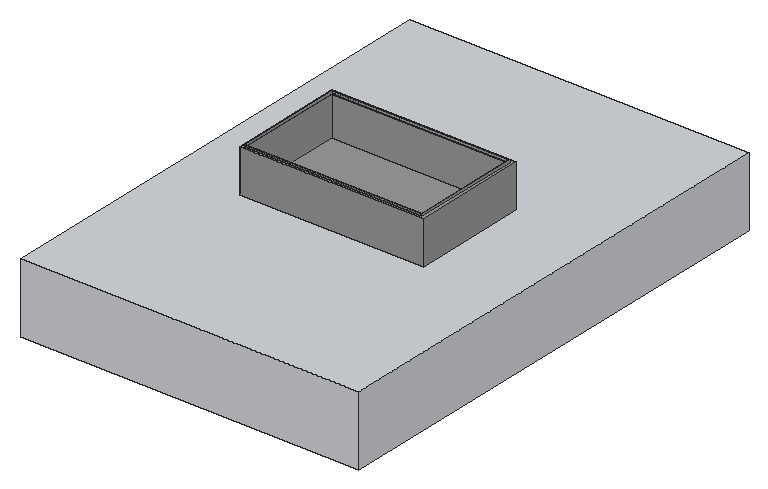
Revit family "Hager-Univers-IP30-D205-H500-Cl.II-Encl-NL-en", category Equipement électrique, Revit 2020
Family settings
  Hôte = Face
  Configuration du panneau = Deux colonnes, circuits au sein
  Cote de connecteur circulaire = Utiliser le diamètre
  Type d'élément = Tableau de raccordement
  Couper avec des vides une fois chargée = Non
  Partagée = Non
  Point de calcul de pièce = Non
Parameters (values of type "Surface mounted (plaster) IP30 W800 H500 D205  - FP33Q1S")
  Width Control [instance] = if([EF000008 - Width] > Min Width, [EF000008 - Width], Min Width)  # 800 mm
  Commentaires du type = [HG000003 - Range]  # "Univers"
  Thickness Door [instance] = if([EF009171 - Material plate thickness door/cover] > 3 mm, 3 mm, [EF009171 - Material plate thickness door/cover])  # 1 mm
  Seal Frame Offset [instance] = 17 mm  # constant formula
  Plinth Visibility [instance] = [HG000027 - Plinth height] > 0 mm  # no
  Model = ""
  Min Width [instance] = 100 mm  # constant formula
  Min Height [instance] = 100 mm  # constant formula
  Min Depth [instance] = (2 * [EF009170 - Material plate thickness cabinet]) + 1 mm  # 3 mm
  Internal Frame Depth [instance] = (Door System Depth * 0.5)  # 9 mm
  Height Control [instance] = if([EF000040 - Height] > Min Height, [EF000040 - Height], Min Height)  # 500 mm
  HG000027 - Plinth height = 0 mm
  HG000026 - Floor standing = no
  HG000024 - Bottom section height = 800 mm
  HG000023 - Double section enclosure = no
  HG000016 - Door 3d visibility [instance] = yes
  HG000015 - Clearance visibility [instance] = no
  HG000014 - Door on the right [instance] = yes
  HG000013 - Door on the left [instance] = not([HG000014 - Door on the right])  # no
  HG000012 - Door swing angle [instance] = 30.00°
  HG000010 - Asymmetric doors = no
  HG000009 - Double swing door = no
  HG000006 - Flush mounted = no
  HG000004 - Manufacturer reference = "FP33Q1S"
  HG000003 - Range = "Univers"
  HG000002 - With door or cover = no
  Frame Offset Bottom [instance] = 10 mm  # constant formula
  Frame Offset [instance] = 15 mm  # constant formula
  EF015940 - Cover with overpressure release = no
  EF011959 - Degree of protection (NEMA) = ""
  EF009554 - Number of openings for flange plates = 6
  EF009212 - Cover model = "EV009916 - With notch"
  EF009171 - Material plate thickness door/cover = 1 mm
  EF009170 - Material plate thickness cabinet = 1 mm
  Fabricant = "Hager"  # constant formula
  EF008873 - Nominal current (In) = 250 A
  EF007800 - Suitable for lightning protection = no
  EF006306 - With lock = no
  EF006244 - Transparent cover/door = no
  EF005474 - Degree of protection (IP) = "EV006410 - IP30"
  EF004464 - Type of door = "EV000494 - None"
  EF004427 - Number of modules = 108
  EF004293 - Impact strength = "EV006813 - IK07"
  EF003532 - Suitable for outdoor use = no
  EF002950 - Width in number of modular spacings = 36
  EF001613 - Circuit integrity = "EV000494 - None"
  EF001596 - Material housing = "EV000179 - Steel"
  EF001131 - Internal depth = 130 mm
  EF001088 - Extension possible = yes
  EF000437 - Number of conduit inlets = 6
  EF000339 - Type of cover = "EV000494 - None"
  EF000266 - Number of rows = 3
  EF000218 - Built-in depth = 0 mm
  EF000118 - With mounting plate = no
  EF000116 - RAL-number = "9010"
  EF000049 - Depth = 205 mm
  EF000040 - Height = 500 mm
  EF000008 - Width = 800 mm
  EF000007 - Colour = "EV000202 - White"
  EF000003 - Mounting method = "EV000384 - Surface mounted (plaster)"
  Door System Leaf Tolerance [instance] = 1.5 mm  # constant formula
  Door System Depth [instance] = 18 mm  # constant formula
  Door Height [instance] = Height Control - [HG000027 - Plinth height]  # 500 mm
  Depth Control [instance] = if([EF000049 - Depth] > Min Depth, [EF000049 - Depth], Min Depth)  # 205 mm
  Default Elevation = 0 mm
  Connector Offset [instance] = Height Control / 2  # 250 mm
  Bottom Top Plate Trim [instance] = 1.5 mm  # constant formula
  Plinth height Ctrl [instance] = if([HG000027 - Plinth height] > 0 mm, [HG000027 - Plinth height], 12 mm)  # 12 mm
Types (5, lengths in mm): name | Width Control | HG000004 - Manufacturer reference | EF009554 - Number of openings for flange plates | EF004427 - Number of modules | EF002950 - Width in number of modular spacings | EF000437 - Number of conduit inlets | EF000008 - Width
  Surface mounted (plaster) IP30 W1050 H500 D205  - FP34Q1S | 1050 | "FP34Q1S" | 8 | 144 | 48 | 8 | 1050
  Surface mounted (plaster) IP30 W1300 H500 D205  - FP35Q1S | 1300 | "FP35Q1S" | 10 | 180 | 60 | 10 | 1300
  Surface mounted (plaster) IP30 W300 H500 D205  - FP31Q1S | 300 | "FP31Q1S" | 2 | 36 | 12 | 2 | 300
  Surface mounted (plaster) IP30 W550 H500 D205  - FP32Q1S | 550 | "FP32Q1S" | 4 | 72 | 24 | 4 | 550
  Surface mounted (plaster) IP30 W800 H500 D205  - FP33Q1S | 800 | "FP33Q1S" | 6 | 108 | 36 | 6 | 800
Reference planes
  plane 1 "Center (Front/Back)": y = 0
  plane 2: z = 0
  plane 3 "Center (Left/Right)": x = 0
  plane 4: z = 205
  plane 5: y = 1
  plane 6: y = 250
  plane 7: y = 0
  plane 8: y = 500
  plane 9: z = 0
  plane 10: x = -385
  plane 11: x = 385
  plane 12: x = 384
  plane 13: x = -384
  plane 14: y = 499
  plane 15: x = -383
  plane 16: x = -400
  plane 17: x = 383
  plane 18: x = 400
  plane 19: x = 399
  plane 20: x = -399
  plane 21: y = 11
  plane 22: y = 500
  plane 23: y = 484
  plane 24: z = 187
  plane 25: z = 1
  plane 26: z = 186
  plane 27: z = 204
Forms (mm)
  Extrusion 1, solid
    sketch origin (0, 0, 0) x (1, 0, 0) y (0, 1, 0)
      loop
        line (-702.964, 1305) -> (-702.964, -811.445) -> (766.763, -811.445) -> (766.763, 1305) -> (-702.964, 1305)
    from 0 to -304.8
  Extrusion 2, solid, material "Hager_Steel_RAL7035_Light_Grey", visible <- "Plinth Visibility", detail levels medium+fine
    sketch origin (0, 0, 0) x (1, 0, 0) y (0, 1, 0)
      loop
        line (-400, 0) -> (400, 0) -> (400, 12) -> (-400, 12) -> (-400, 0)
    from 0 to 187
  Extrusion 3, solid, material "Hager_Steel_RAL7035_Light_Grey", detail levels medium+fine
    sketch origin (0, 0, 0) x (1, 0, 0) y (0, 1, 0)
      loop
        line (-400, 0) -> (400, 0) -> (400, 500) -> (-400, 500) -> (-400, 0)
    from 0 to 187
  Extrusion 4, void
    sketch origin (0, 0, 0) x (1, 0, 0) y (0, 1, 0)
      loop
        line (-399, 1) -> (399, 1) -> (399, 499) -> (-399, 499) -> (-399, 1)
    from 1 to 186
  Extrusion 5, void
    sketch origin (-381.607, -4572, 187) x (0, -1, 0) y (-1, 0, 0)
      loop
        line (-4583, 2.393) -> (-5056, 2.393) -> (-5056, -765.607) -> (-4583, -765.607) -> (-4583, 2.393)
    from 0 to 1 <- "EF009170 - Material plate thickness cabinet"
  Extrusion 6, solid, material "Hager_Steel_RAL7035_Light_Grey", detail levels fine
    sketch origin (0, 0, 187) x (1, 0, 0) y (0, 1, 0)
      loop
        line (-384, 484) -> (-384, 11) -> (384, 11) -> (384, 484) -> (-384, 484)
      loop
        line (-385, 10) -> (385, 10) -> (385, 485) -> (-385, 485) -> (-385, 10)
    from 0 to 9 <- "Internal Frame Depth"
  Extrusion 7, solid, material "Hager_Steel_RAL7035_Light_Grey", detail levels coarse
    sketch origin (0, 0, 0) x (1, 0, 0) y (0, 1, 0)
      loop
        line (-400, 0) -> (400, 0) -> (400, 500) -> (-400, 500) -> (-400, 0)
    from 0 to 205
  Sweep 8, void
    path in 3D
      loop
        line (-400, 12, 0) -> (400, 12, 0) -> (400, 12, 187) -> (-400, 12, 187) -> (-400, 12, 0)
    profile origin (-400, 12, 93.5) x (-1, 0, 0) y (0, -1, 0)
      loop
        line (0, 0) -> (0, 1.5) -> (-1.5, 1.5)
        arc (-1.5, 1.5) -> (-1.061, 0.439) -> (0, 0) r 1.5
Cuts and joins
  Extrusion 4, Extrusion 5 cuts Extrusion 3
  Sweep 8 cuts Extrusion 2
Lines and regions (mm)
  Masking region 1
    outline origin (0, 0, 0) x (1, 0, 0) y (0, 0, 1)
      loop
        line (-400, 205) -> (-400, 0) -> (400, 0) -> (400, 205) -> (-400, 205)
  Masking region 2, detail levels medium+fine
    outline origin (0, 140, 0) x (0, 1, 0) y (0, 0, 1)
      loop
        line (-140, 0) -> (360, 0) -> (360, 187) -> (-140, 187) -> (-140, 0)
  Masking region 3, not visible, detail levels medium+fine
    outline origin (0, 297.922, 0) x (0, 1, 0) y (0, 0, 1)
      loop
        line (-36.422, 0) -> (3.578, 0) -> (3.578, 194)
        arc (3.578, 194) -> (0.649, 201.071) -> (-6.422, 204) r 10
        line (-6.422, 204) -> (-36.422, 204) -> (-36.422, 0)
  Masking region 4, detail levels coarse
    outline origin (0, 0, 180) x (0, 1, 0) y (0, 0, 1)
      loop
        line (0, -180) -> (500, -180) -> (500, 25) -> (0, 25) -> (0, -180)
  Masking region 5, visible <- "Plinth Visibility", detail levels medium+fine
    outline origin (0, 52.24, 12.345) x (0, 0, -1) y (0, 1, 0)
      loop
        line (10.845, -40.24) -> (-173.155, -40.24)
        arc (-173.155, -40.24) -> (-173.594, -41.301) -> (-174.655, -41.74) r 1.5
        line (-174.655, -41.74) -> (-174.655, -52.24) -> (12.345, -52.24) -> (12.345, -41.74)
        arc (12.345, -41.74) -> (11.285, -41.301) -> (10.845, -40.24) r 1.5
  Masking region 6, detail levels medium+fine
    outline origin (-381.607, -4572, 187) x (-1, 0, 0) y (0, -1, 0)
      loop
        line (18.393, -5072) -> (18.393, -4572) -> (-781.607, -4572) -> (-781.607, -5072) -> (18.393, -5072)
  Masking region 7, visible <- "Plinth Visibility", detail levels medium+fine
    outline origin (-381.607, -4727, 187) x (-1, 0, 0) y (0, -1, 0)
      loop
        arc (16.893, -4739) -> (17.332, -4737.939) -> (18.393, -4737.5) r 1.5
        line (18.393, -4737.5) -> (18.393, -4727) -> (-781.607, -4727) -> (-781.607, -4737.5)
        arc (-781.607, -4737.5) -> (-780.546, -4737.939) -> (-780.107, -4739) r 1.5
        line (-780.107, -4739) -> (16.893, -4739)
  Masking region 8, detail levels coarse
    outline origin (-442.548, -4669.526, 187) x (-1, 0, 0) y (0, -1, 0)
      loop
        line (-42.548, -5169.526) -> (-42.548, -4669.526) -> (-842.548, -4669.526) -> (-842.548, -5169.526) -> (-42.548, -5169.526)
  sketch lines
    curve 1: line (-400, 12, 187) -> (-400, 12, 0)
    curve 2: line (400, 12, 187) -> (-400, 12, 187)
    curve 3: line (400, 12, 187) -> (400, 12, 0)
    curve 4: line (-400, 12, 0) -> (400, 12, 0)
Dimensions and locks
  "Depth Control": plane 4 to Extrusion 1
  "HG000027 - Plinth height": plane 1 "Center (Front/Back)" to plane 7
  "EF009170 - Material plate thickness cabinet": plane 5 to plane 7
  locked: connector elem to plane 3 "Center (Left/Right)"
  equal spacing: plane 8, plane 6, plane 7
  locked: connector elem to plane 6
  "EF009170 - Material plate thickness cabinet": plane 8 to plane 14
  "EF009170 - Material plate thickness cabinet": plane 10 to plane 13
  "EF009170 - Material plate thickness cabinet": plane 12 to plane 11
  "Frame Offset": plane 20 to plane 13
  "Frame Offset": plane 12 to plane 19
  "EF009170 - Material plate thickness cabinet": plane 16 to plane 20
  "EF009170 - Material plate thickness cabinet": plane 19 to plane 18
  "Seal Frame Offset": plane 16 to plane 15
  "Seal Frame Offset": plane 17 to plane 18
  "Frame Offset Bottom": plane 21 to plane 5
  "Frame Offset": plane 14 to plane 23
  equal spacing: plane 16, plane 3 "Center (Left/Right)", plane 18
  "Width Control": plane 16 to plane 18
  "EF009170 - Material plate thickness cabinet": plane 4 to plane 27
  "EF009170 - Material plate thickness cabinet": plane 24 to plane 26
  "EF009170 - Material plate thickness cabinet": plane 25 to level
  "Door System Depth": plane 4 to plane 24
  "Height Control": plane 1 "Center (Front/Back)" to Extrusion 7 sketch curve
  "Height Control": Masking region 4 sketch curve to plane 1 "Center (Front/Back)"
  "Height Control": plane 1 "Center (Front/Back)" to plane 22
  "Bottom Top Plate Trim": profile plane to Sweep 8 sketch curve
  "Bottom Top Plate Trim": Sweep 8 sketch curve to profile plane
  "Plinth height Ctrl": plane 1 "Center (Front/Back)" to Extrusion 2 sketch curve
  "Plinth height Ctrl": Masking region 5 sketch curve to plane 1 "Center (Front/Back)"
  "Plinth height Ctrl": plane 1 "Center (Front/Back)" to Masking region 7 sketch curve
  "Thickness Door": Extrusion 6 sketch curve to Extrusion 6 sketch curve  (x3)
  "Thickness Door": cut or joined group of Extrusion 3, Extrusion 4, Extrusion 5 to Extrusion 6 sketch curve
  radius of Masking region 3 sketch curve = 10 mm
  "Bottom Top Plate Trim": radius of Masking region 5 sketch curve  (x2)
  "Bottom Top Plate Trim": radius of Sweep 8 sketch curve
  "Bottom Top Plate Trim": radius of Masking region 7 sketch curve  (x2)
  aligned and locked: plane 2 to Extrusion 1
  aligned and locked: level to Extrusion 1
  aligned and locked: level to Masking region 1 sketch curve
  aligned and locked: Masking region 1 sketch curve to plane 18
  aligned and locked: Masking region 1 sketch curve to plane 16
  aligned and locked: plane 7 to Masking region 2 sketch curve
  aligned and locked: level to Masking region 3 sketch curve
  aligned and locked: Masking region 3 sketch curve to plane 27
  aligned and locked: level to Masking region 2 sketch curve
  aligned and locked: plane 1 "Center (Front/Back)" to Extrusion 2 sketch curve
  aligned and locked: Extrusion 3 sketch curve to plane 7
  aligned and locked: plane 16 to Extrusion 3 sketch curve
  aligned and locked: plane 18 to Extrusion 3 sketch curve
  aligned and locked: plane 20 to Extrusion 4 sketch curve
  aligned and locked: plane 19 to Extrusion 4 sketch curve
  aligned and locked: Extrusion 4 sketch curve to plane 5
  aligned and locked: Extrusion 4 to plane 25
  aligned and locked: plane 26 to Extrusion 4
  aligned and locked: plane 24 to Extrusion 3
  aligned and locked: Extrusion 5 sketch curve to plane 21
  aligned and locked: Extrusion 5 sketch curve to plane 13
  aligned and locked: Extrusion 5 sketch curve to plane 12
  aligned and locked: plane 18 to Extrusion 7 sketch curve
  aligned and locked: plane 1 "Center (Front/Back)" to Extrusion 7 sketch curve
  aligned and locked: plane 16 to Extrusion 7 sketch curve
  aligned and locked: plane 4 to Extrusion 7
  aligned and locked: Extrusion 7 to level
  aligned and locked: level to Masking region 4 sketch curve
  aligned and locked: Masking region 4 sketch curve to plane 1 "Center (Front/Back)"
  aligned and locked: Masking region 4 sketch curve to plane 4
  aligned and locked: nested 1 to level
  aligned and locked: nested 1 to plane 16
  aligned and locked: plane 8 to Extrusion 3 sketch curve
  aligned and locked: plane 23 to Extrusion 5 sketch curve
  aligned and locked: plane 14 to Extrusion 4 sketch curve
  aligned and locked: Masking region 2 sketch curve to plane 8
  aligned and locked: level to Masking region 5 sketch curve
  aligned and locked: plane 16 to Extrusion 2 sketch curve
  aligned and locked: plane 18 to Extrusion 2 sketch curve
  aligned and locked: Masking region 5 sketch curve to plane 24
  aligned and locked: Masking region 2 sketch curve to plane 24
  aligned and locked: plane 24 to Extrusion 2
  aligned and locked: profile plane to Sweep 8 sketch curve  (x2)
  aligned and locked: Masking region 6 sketch curve to plane 18
  aligned and locked: Masking region 6 sketch curve to plane 22
  aligned and locked: Masking region 6 sketch curve to plane 16
  aligned and locked: plane 8 to plane 22
  aligned and locked: Masking region 6 sketch curve to plane 7
  aligned and locked: Masking region 7 sketch curve to plane 16
  aligned and locked: Masking region 7 sketch curve to plane 1 "Center (Front/Back)"
  aligned and locked: Masking region 7 sketch curve to plane 18
  aligned and locked: Masking region 8 sketch curve to plane 1 "Center (Front/Back)"
  aligned and locked: Masking region 8 sketch curve to plane 18
  aligned and locked: Masking region 8 sketch curve to plane 22
  aligned and locked: Masking region 8 sketch curve to plane 16
  aligned and locked: nested 2 to plane 7
  aligned and locked: plane 3 "Center (Left/Right)" to nested 2
  aligned and locked: nested 2 to plane 24
  aligned and locked: Extrusion 6 sketch curve to cut or joined group of Extrusion 3, Extrusion 4, Extrusion 5  (x4)
Automatic sketch dimensions
  Extrusion 1 sketch curve to Extrusion 1 sketch curve = 1469.727 mm
  Extrusion 1 sketch curve to Extrusion 1 sketch curve = 2116.445 mm
  Masking region 1 sketch curve to plane 4 = 0 mm
  plane 6 to Masking region 3 sketch curve = 11.5 mm
  Masking region 3 sketch curve to Masking region 3 sketch curve = 30 mm
  Masking region 5 sketch curve to plane 1 "Center (Front/Back)" = 0 mm
Nested families
  nested 1: "Hager_Enclosure_Symbol" at (-400, 0, 0) x (1, 0, 0) z (0, -1, 0), Height <- "Depth Control", Width <- "Width Control", type "Hager_Enclosure_Symbol"
    with Width_Ctrl 800 mm, Width 800 mm, Height_Ctrl 205 mm, Height 205 mm, A_Width_Int 13.453 mm, A_Width 161.438 mm, A_Height_Ctrl 179.375 mm, A_Height 179.375 mm
  nested 2: "EC000058_Univers_Door" at (0, 0, 187) x (1, 0, 0) z (0, 1, 0), Leaf_Tolerance <- "Door System Leaf Tolerance", Angle <- "HG000012 - Door swing angle", Door_Depth <- "Door System Depth", Door_Left <- "HG000013 - Door on the left", Transparent <- "EF006244 - Transparent cover/door", Assymetrical <- "HG000010 - Asymmetric doors", Width <- "Width Control", Clearance <- "HG000015 - Clearance visibility", Double <- "HG000009 - Double swing door", 3d_Door <- "HG000016 - Door 3d visibility", Lock_Visibility <- "EF006306 - With lock", Width_Ctrl <- "Width Control", Door_Right <- "HG000014 - Door on the right", Door <- "HG000002 - With door or cover", Height <- "Door Height", Thickness <- "Thickness Door", type "EC000058_Univers_Door", detail levels medium+fine
    with min_wh 3 mm, Width_Ctrl 800 mm, Width 800 mm, Transparent no, Thickness 1 mm, Seal_Material Hager_Rubber, Lock_Visibility no, Lock_Material Hager_Plastic_RAL9005_Jet_Black, Leaf_Width 800 mm, Leaf_Tolerance_External_Sides 0 mm, Leaf_Tolerance 1.5 mm, Leaf_Offset 0 mm, Leaf_Height 497 mm, Leaf_2_Width 800 mm, Leaf_2_Offset 400 mm, Leaf_1_Width 800 mm, Leaf_1_Offset 400 mm, Height_Ctrl 500 mm, Height 500 mm, Glass_Material Hager_Glass, Double_Clearance_Ctrl no, Double no, Door_Right_Ctrl no, Door_Right yes, Door_Material Hager_Steel_RAL7035_Light_Grey, Door_Left_Ctrl no, Door_Left no, Door_Depth 18 mm, Door no, Clearance_Material Hager_Clearance, Clearance_Depth 800 mm, Clearance_Ctrl no, Clearance no, Assymetrical no, Angle 30.00°, 3d_Door yes
Connectors
  electrical at (0, 250, 0)
    settings: on plane 9, index 1, voltage 0 V, apparent load 0 VA, apparent load phase1 0 VA, apparent load phase2 0 VA, apparent load phase3 0 VA, power factor 1, load classification "Other", number of poles 1, system type 30, power factor state 1, is connector primary yes, connector utility no, sub classification motor no, connector description ""
Definition of nested family "Hager_Enclosure_Symbol"
  Parameters (values of type "Hager_Enclosure_Symbol")
    Width_Ctrl [instance] = if(Width > 1 mm, Width, 1 mm)  # 102.27 mm
    Width [instance] = 102.27 mm
    Height_Ctrl [instance] = if(Height > 1 mm, Height, 1 mm)  # 66.5 mm
    A_Width_Int [instance] = if(A_Width / 12 > 2 mm, A_Width / 12, 2 mm)  # 4.364 mm
    A_Width [instance] = if(A_Height_Ctrl * 0.9 > 2 mm, A_Height_Ctrl * 0.9, 2 mm)  # 52.369 mm
    A_Height_Ctrl [instance] = if(A_Height > 2 mm, A_Height, 2 mm)  # 58.188 mm
    Height [instance] = 66.5 mm
    A_Height [instance] = Height - (Height / 8)  # 58.188 mm
  Reference planes
    plane 1 "Centre (avant/arrière)": y = 0
    plane 2: z = 0
    plane 3 "Centre (gauche/droite)": x = 0
    plane 4: x = 52.369
    plane 5: y = 33.042
    plane 6: y = 41.77
    plane 7: y = 66.5
    plane 8: x = 26.184
    plane 9: y = 37.406
    plane 10: x = 102.27
    plane 11: y = 66.5
    plane 12: y = 8.313
  Lines and regions (mm)
    Filled region 1, type "Solid_Black", in view "Niveau de réf."
      outline origin (0, 0, 0) x (1, 0, 0) y (0, 1, 0)
        loop
          line (52.369, 66.5) -> (33.188, 54.536) -> (45.365, 45.006) -> (52.369, 66.5)
    Filled region 2, type "Solid_Black", in view "Niveau de réf."
      outline origin (0, 0, 0) x (1, 0, 0) y (0, 1, 0)
        loop
          line (0, 0) -> (102.27, 0) -> (102.27, 66.5) -> (0, 0)
    detail lines, in view "Niveau de réf."
      curve 1: line (0, 8.313, 0) -> (26.184, 41.77, 0)
      curve 2: line (26.184, 41.77, 0) -> (26.184, 33.042, 0)
      curve 3: line (26.184, 33.042, 0) -> (52.369, 66.5, 0)
  Dimensions and locks
    "A_Width": plane 3 "Centre (gauche/droite)" to plane 4
    equal spacing: plane 3 "Centre (gauche/droite)", plane 8, plane 4
    equal spacing: plane 6, plane 9, plane 5
    equal spacing: curve 3, Filled region 1 sketch curve, Filled region 1 sketch curve
    "Height_Ctrl": plane 1 "Centre (avant/arrière)" to plane 11
    "A_Height_Ctrl": plane 11 to plane 12
    equal spacing: plane 11, plane 9, plane 12
    "A_Width_Int": plane 6 to plane 9
    "Width_Ctrl": plane 3 "Centre (gauche/droite)" to plane 10
    angle Filled region 1 sketch curve to curve 3 = 20.00°
    angle curve 3 to Filled region 1 sketch curve = 20.00°
    locked: curve 3 to Filled region 1 sketch curve (angle 90.00°)
    aligned and locked: plane 10 to Filled region 2
    aligned and locked: plane 11 to Filled region 2 sketch curve
    aligned and locked: plane 10 to Filled region 2 sketch curve
    aligned and locked: plane 3 "Centre (gauche/droite)" to curve 1
    aligned and locked: plane 12 to curve 1
    aligned and locked: plane 7 to plane 11
  Automatic sketch dimensions
    Filled region 1 sketch curve to plane 4 = 0 mm
    Filled region 1 sketch curve to plane 7 = 0 mm
    plane 1 "Centre (avant/arrière)" to Filled region 2 sketch curve = 0 mm
    Filled region 2 sketch curve to plane 3 "Centre (gauche/droite)" = 0 mm
    curve 2 to plane 6 = 0 mm
    curve 2 to plane 8 = 0 mm
    curve 3 to plane 4 = 0 mm
    curve 2 to plane 5 = 0 mm
    curve 3 to plane 7 = 0 mm
Definition of nested family "EC000058_Univers_Door"
  Parameters (values of type "EC000058_Univers_Door")
    min_wh [instance] = (2 * Thickness) + 1 mm  # 11 mm
    Width_Ctrl [instance] = 400 mm
    Width [instance] = 500 mm
    Transparent [instance] = yes
    Thickness [instance] = 5 mm
    Seal_Material [instance] = none
    Lock_Visibility [instance] = yes
    Lock_Material [instance] = none
    Leaf_Width [instance] = if((Width_Ctrl - 2 * Leaf_Tolerance_External_Sides) > 0 mm, (Width_Ctrl - 2 * Leaf_Tolerance_External_Sides), min_wh)  # 400 mm
    Leaf_Tolerance_External_Sides [instance] = 0 mm  # constant formula
    Leaf_Tolerance [instance] = 1.5 mm
    Leaf_Offset [instance] = 0 mm  # constant formula
    Leaf_Height [instance] = if((Height_Ctrl - 2 * Leaf_Tolerance) > 0 mm, (Height_Ctrl - 2 * Leaf_Tolerance), min_wh)  # 497 mm
    Leaf_2_Width [instance] = if(and(and(Double, Assymetrical), Door_Left), (Leaf_Width / 3) - (Leaf_Tolerance / 2), if(and(and(Double, Assymetrical), Door_Right), (Leaf_Width / 3) * 2 - (Leaf_Tolerance / 2), if(and(Double, not(Assymetrical)), (Leaf_Width / 2) - Leaf_Tolerance, Leaf_Width)))  # 400 mm
    Leaf_2_Offset [instance] = if(and(Double, Assymetrical), Leaf_2_Width / 2, if(and(Double, not(Assymetrical)), Leaf_Width / 4, Leaf_Width / 2))  # 200 mm
    Leaf_1_Width [instance] = if(and(and(Double, Assymetrical), Door_Right), (Leaf_Width / 3) - (Leaf_Tolerance / 2), if(and(and(Double, Assymetrical), Door_Left), (Width / 3) * 2 - (Leaf_Tolerance / 2), if(and(Double, not(Assymetrical)), (Leaf_Width / 2) - Leaf_Tolerance, Leaf_Width)))  # 400 mm
    Leaf_1_Offset [instance] = if(and(Double, Assymetrical), Leaf_1_Width / 2, if(and(Double, not(Assymetrical)), Leaf_Width / 4, Leaf_Width / 2))  # 200 mm
    Height_Ctrl [instance] = if(Height > min_wh, Height, min_wh)  # 500 mm
    Height [instance] = 500 mm
    Glass_Material [instance] = none
    Double_Clearance_Ctrl [instance] = and(Double, Clearance)  # no
    Double [instance] = no
    Door_Right_Ctrl [instance] = and(or(Door_Right, Double), Door)  # yes
    Door_Right [instance] = yes
    Door_Material [instance] = none
    Door_Left_Ctrl [instance] = and(or(Door_Left, Double), Door)  # no
    Door_Left [instance] = no
    Door_Depth [instance] = 30 mm
    Door [instance] = yes
    Default Elevation = 1219.2 mm
    Clearance_Material [instance] = none
    Clearance_Depth [instance] = if(Leaf_1_Width > Leaf_2_Width, Leaf_1_Width, Leaf_2_Width)  # 400 mm
    Clearance_Ctrl [instance] = and(not(Double), Clearance)  # yes
    Clearance [instance] = yes
    Assymetrical [instance] = yes
    Angle [instance] = 30.00°
    3d_Door [instance] = yes
  Reference planes
    plane 1 "Center (Front/Back)": y = 0
    plane 2 "Bottom": z = 0
    plane 3 "Center (Left/Right)": x = 0
    plane 4: z = 500
    plane 5: x = -200
    plane 6: x = 200
    plane 7: z = 500
    plane 8: x = -200
    plane 9: z = 0
    plane 10: x = 200
    plane 11: y = 0
    plane 12: z = 1.5
    plane 13: x = -600
    plane 14: y = -400
    plane 15: x = 600
    plane 16: x = 0
    plane 17: x = 0
    plane 18: x = -200
    plane 19: x = 200
    plane 20: z = 498.5
  Forms (mm)
    Extrusion 1, solid, material <- "Clearance_Material", visible <- "Double_Clearance_Ctrl"
      sketch origin (1200, 0, 0) x (1, 0, 0) y (0, 0, -1)
        loop
          line (-1800, -498.5) -> (-600, -498.5) -> (-600, 0) -> (-1800, 0) -> (-1800, -498.5)
      from 0 to -400
  Dimensions and locks
    equal spacing: plane 5, plane 3 "Center (Left/Right)", plane 6
    "Width_Ctrl": plane 5 to plane 6
    "Leaf_Offset": plane 5 to plane 8
    "Leaf_Offset": plane 6 to plane 10
    "Leaf_Offset": plane 9 to level
    "Leaf_Offset": plane 4 to plane 7
    "Height_Ctrl": plane 4 to level
    "Leaf_Tolerance": plane 12 to plane 9
    locked: plane 11 to plane 1 "Center (Front/Back)"
    "Leaf_1_Offset": plane 18 to plane 16
    "Leaf_2_Offset": plane 17 to plane 19
    "Leaf_1_Width": plane 13 to plane 8
    "Leaf_2_Width": plane 10 to plane 15
    "Clearance_Depth": plane 14 to plane 1 "Center (Front/Back)"
    "Leaf_Tolerance_External_Sides": plane 8 to plane 18
    "Leaf_Tolerance_External_Sides": plane 19 to plane 10
    "Leaf_Tolerance": plane 7 to plane 20
    aligned and locked: level to plane 2 "Bottom"
    aligned and locked: nested 1 to plane 16
    aligned and locked: nested 2 to plane 17
    aligned and locked: Extrusion 1 to plane 13
    aligned and locked: plane 15 to Extrusion 1
    aligned and locked: Extrusion 1 to plane 14
    aligned and locked: plane 12 to nested 1
    aligned and locked: nested 2 to plane 12
    aligned and locked: Extrusion 1 to plane 11
    aligned and locked: plane 20 to Extrusion 1
    aligned and locked: nested 2 to plane 11
    aligned and locked: nested 1 to plane 11
  Automatic sketch dimensions
    Extrusion 1 sketch curve to level = 0 mm
    plane 5 to Extrusion 1 sketch curve = 400 mm
    plane 6 to Extrusion 1 sketch curve = 400 mm
    Extrusion 1 sketch curve to plane 4 = 1.5 mm
  Nested families
    nested 1: "EC000058_Univers_Door_Leaf" at (0, 0, 1.5), Width <- "Leaf_1_Width", visible <- "Door_Left_Ctrl", Leaf_Height <- "Leaf_Height", Angle <- "Angle", 3d_Door <- "3d_Door", Transparent <- "Transparent", Clearance Material <- "Clearance_Material", Clearance <- "Clearance_Ctrl", Door_Material <- "Door_Material", Glass_Material <- "Glass_Material", Door_Depth <- "Door_Depth", Lock_Material <- "Lock_Material", Seal_Material <- "Seal_Material", Lock_Visibility <- "Lock_Visibility", Thickness <- "Thickness", type "EC000058_Univers_Door_Leaf"
      with Width 400 mm, Transparent_Glass_Offset 30 mm, Transparent_Ctrl yes, Transparent yes, Thickness 5 mm, Standard no, Seal_Material none, Seal_D2 8 mm, Seal_D1 1 mm, Offset_Internal_Frame 10 mm, Lock_Width 20 mm, Lock_Visibility_3d yes, Lock_Visibility yes, Lock_Thickness_3 3 mm, Lock_Thickness_2 1 mm, Lock_Thickness_1 3 mm, Lock_Radius_Offset_2 16 mm, Lock_Radius_Offset_1 15 mm, Lock_Radius_2 5 mm, Lock_Radius 6 mm, Lock_Offset 5 mm, Lock_Material none, Lock_Height 80 mm, Lock_Cover_Top_Offset_2d 17 mm, Lock_Cover_Height -65 mm, Leaf_Height 497 mm, Internal_Seal_Thickness 8 mm, Internal_Seal_Depth_2 4.5 mm, Internal_Frame_Depth 25 mm, Glass_Thickness -1 mm, Glass_Offset -2 mm, Glass_Material none, Door_Material none, Door_Depth 30 mm, Clearance Material none, Clearance yes, Angle_Ctrl 30.00°, Angle 30.00°, 3d_Door yes
    nested 2: "EC000058_Univers_Door_Leaf" at (0, 0, 1.5) x (-1, 0, 0) z (0, 0, 1), Width <- "Leaf_2_Width", visible <- "Door_Right_Ctrl", Leaf_Height <- "Leaf_Height", Angle <- "Angle", 3d_Door <- "3d_Door", Transparent <- "Transparent", Clearance Material <- "Clearance_Material", Clearance <- "Clearance_Ctrl", Door_Material <- "Door_Material", Glass_Material <- "Glass_Material", Door_Depth <- "Door_Depth", Lock_Material <- "Lock_Material", Seal_Material <- "Seal_Material", Lock_Visibility <- "Lock_Visibility", Thickness <- "Thickness", type "EC000058_Univers_Door_Leaf"
      with Width 400 mm, Transparent_Glass_Offset 30 mm, Transparent_Ctrl yes, Transparent yes, Thickness 5 mm, Standard no, Seal_Material none, Seal_D2 8 mm, Seal_D1 1 mm, Offset_Internal_Frame 10 mm, Lock_Width 20 mm, Lock_Visibility_3d yes, Lock_Visibility yes, Lock_Thickness_3 3 mm, Lock_Thickness_2 1 mm, Lock_Thickness_1 3 mm, Lock_Radius_Offset_2 16 mm, Lock_Radius_Offset_1 15 mm, Lock_Radius_2 5 mm, Lock_Radius 6 mm, Lock_Offset 5 mm, Lock_Material none, Lock_Height 80 mm, Lock_Cover_Top_Offset_2d 17 mm, Lock_Cover_Height -65 mm, Leaf_Height 497 mm, Internal_Seal_Thickness 8 mm, Internal_Seal_Depth_2 4.5 mm, Internal_Frame_Depth 25 mm, Glass_Thickness -1 mm, Glass_Offset -2 mm, Glass_Material none, Door_Material none, Door_Depth 30 mm, Clearance Material none, Clearance yes, Angle_Ctrl 30.00°, Angle 30.00°, 3d_Door yes
  Definition of nested family "EC000058_Univers_Door_Leaf"
    Parameters (values of type "EC000058_Univers_Door_Leaf")
      Width [instance] = 2000 mm
      Transparent_Glass_Offset [instance] = 30 mm
      Transparent_Ctrl [instance] = and(Transparent, [3d_Door])  # yes
      Transparent [instance] = yes
      Thickness [instance] = 5 mm
      Standard [instance] = and(not(Transparent), [3d_Door])  # no
      Seal_Material [instance] = none
      Seal_D2 [instance] = 8 mm  # constant formula
      Seal_D1 [instance] = 1 mm  # constant formula
      Offset_Internal_Frame [instance] = 10 mm  # constant formula
      Lock_Width [instance] = 20 mm  # constant formula
      Lock_Visibility_3d [instance] = and(Lock_Visibility, [3d_Door])  # yes
      Lock_Visibility [instance] = yes
      Lock_Thickness_3 [instance] = 3 mm  # constant formula
      Lock_Thickness_2 [instance] = 1 mm  # constant formula
      Lock_Thickness_1 [instance] = 3 mm  # constant formula
      Lock_Radius_Offset_2 [instance] = Lock_Radius_Offset_1 + 1 mm  # 16 mm
      Lock_Radius_Offset_1 [instance] = 15 mm  # constant formula
      Lock_Radius_2 [instance] = Lock_Radius - 1 mm  # 5 mm
      Lock_Radius [instance] = 6 mm  # constant formula
      Lock_Offset [instance] = 5 mm  # constant formula
      Lock_Material [instance] = none
      Lock_Height [instance] = 80 mm  # constant formula
      Lock_Cover_Top_Offset_2d [instance] = Lock_Radius_Offset_2 + 1 mm  # 17 mm
      Lock_Cover_Height [instance] = -(Lock_Height - Lock_Radius_Offset_1)  # -65 mm
      Leaf_Height [instance] = 2720.336 mm
      Internal_Seal_Thickness [instance] = 8 mm  # constant formula
      Internal_Seal_Depth_2 [instance] = 4.5 mm  # constant formula
      Internal_Frame_Depth [instance] = if(Door_Depth - Thickness > 5 mm, Door_Depth - Thickness, 5 mm)  # 25 mm
      Glass_Thickness [instance] = if(Thickness > 15 mm, Glass_Offset + 10 mm, -1 mm)  # -1 mm
      Glass_Offset [instance] = if(Thickness > 15 mm, -(Thickness + 10 mm) / 2, -2 mm)  # -2 mm
      Glass_Material [instance] = none
      Door_Material [instance] = none
      Door_Depth [instance] = 30 mm
      Default Elevation = 0 mm
      Clearance Material [instance] = none
      Clearance [instance] = yes
      Angle_Ctrl [instance] = if(Angle > 180.00°, 180.00°, Angle)  # 90.00°
      Angle [instance] = 90.00°
      3d_Door [instance] = yes
    Reference planes
      plane 1 "Center (Front/Back)": y = 0
      plane 2: z = 0
      plane 3 "Center (Left/Right)": x = 0
      plane 4: y = 2000
      plane 5: x = -1000
      plane 6: x = 1000
      plane 7: x = -3000
      plane 8: z = 2720.336
      plane 9: z = 30
      plane 10: z = 2690.336
      plane 11: x = 970
      plane 12: x = -970
      plane 13: y = -3
      plane 14: z = 107.833
      plane 15: y = -5
      plane 16: y = -223.314
      plane 17: x = -1000
      plane 18: z = 1360.168
      plane 19: y = 30
    Forms (mm)
      Extrusion 1, solid, material <- "Clearance Material", visible <- "Clearance"
        sketch origin (0, 0, 0) x (1, 0, 0) y (0, 0, 1)
          loop
            line (-3000, 2720.336) -> (-3000, 0) -> (1000, 0) -> (1000, 2720.336) -> (-3000, 2720.336)
        from 0 to -2000
      Extrusion 2, solid, material <- "Door_Material", visible <- "Standard", detail levels medium+fine
        sketch origin (-1000, 0, 0) x (0, 1, 0) y (-1, 0, 0)
          loop
            line (0, 30) -> (0, 25) -> (2000, 25) -> (2000, 30) -> (0, 30)
        from 0 to 2720.336 <- "Leaf_Height"
      Extrusion 3, solid, material <- "Door_Material", visible <- "Transparent_Ctrl", detail levels medium+fine
        sketch origin (-1000, 0, 0) x (0, 1, 0) y (-1, 0, 0)
          loop
            line (0, 25) -> (2000, 25) -> (2000, 30) -> (0, 30) -> (0, 25)
        from 0 to 2720.336 <- "Leaf_Height"
      Extrusion 4, void
        sketch origin (-1025, 2000, 0) x (0, 1, 0) y (0, 0, -1)
          loop
            line (-30, -2690.336) -> (-30, -30) -> (-1970, -30) -> (-1970, -2690.336) -> (-30, -2690.336)
        from 0 to 5 <- "Thickness"
      Sweep 5, solid, material <- "Seal_Material", visible <- "Transparent_Ctrl", detail levels fine
        path in 3D
          loop
            line (-1025, 30, 30) -> (-1025, 30, 2690.336) -> (-1025, 1970, 2690.336) -> (-1025, 1970, 30) -> (-1025, 30, 30)
        profile origin (-1025, 1000, 30) x (1, 0, 0) y (0, 0, 1)
          loop
            line (0, 0) -> (0, -8) -> (1, -8) -> (1, 0) -> (0, 0)
      Extrusion 6, solid, material <- "Glass_Material", visible <- "Transparent_Ctrl", detail levels medium+fine
        sketch origin (-1030, 0, 0) x (0, 1, 0) y (0, 0, -1)
          loop
            line (1970, -2690.336) -> (1970, -30) -> (30, -30) -> (30, -2690.336) -> (1970, -2690.336)
        from -2 <- "Glass_Offset" to -1 <- "Glass_Thickness"
      Extrusion 7, solid, material <- "Door_Material", visible <- "3d_Door", detail levels medium+fine
        sketch origin (-1025, 2000, 0) x (0, -1, 0) y (0, 0, -1)
          loop
            line (0, -2720.336) -> (2000, -2720.336) -> (2000, 0) -> (0, 0) -> (0, -2720.336)
          loop
            line (1995, -5) -> (5, -5) -> (5, -2715.336) -> (1995, -2715.336) -> (1995, -5)
        from 0 to 25 <- "Internal_Frame_Depth"
      Sweep 8, solid, material <- "Seal_Material", visible <- "Transparent_Ctrl", detail levels fine
        path in 3D
          loop
            line (-1025, 0, 0) -> (-1025, 2000, 0) -> (-1025, 2000, 2720.336) -> (-1025, 0, 2720.336) -> (-1025, 0, 0)
        profile origin (-1025, 0, 1360.168) x (1, 0, 0) y (0, 1, 0)
          loop
            line (0, 10) -> (2.975, 10)
            arc (2.975, 10) -> (4.053, 10.447) -> (4.5, 11.525) r 1.525
            line (4.5, 11.525) -> (4.5, 16.527)
            arc (4.5, 16.527) -> (4.069, 17.569) -> (3.027, 18) r 1.473
            line (3.027, 18) -> (0, 18) -> (0, 10)
      Extrusion 9, solid, material <- "Lock_Material", visible <- "Lock_Visibility_3d", detail levels fine
        sketch origin (-1030, 0, 0) x (0, 1, 0) y (0, 0, -1)
          loop
            arc (1993.5, -1400.168) -> (1994.561, -1399.729) -> (1995, -1398.668) r 1.5
            line (1995, -1398.668) -> (1995, -1320.168) -> (1975, -1320.168) -> (1975, -1398.668)
            arc (1975, -1398.668) -> (1975.439, -1399.729) -> (1976.5, -1400.168) r 1.5
            line (1976.5, -1400.168) -> (1993.5, -1400.168)
        from 3 <- "Lock_Thickness_1" to 0
      Blend 10, solid, material <- "Lock_Material", visible <- "Lock_Visibility_3d", detail levels fine
        base sketch origin (-1033, 0, 0) x (0, 1, 0) y (0, 0, -1)
          loop
            line (1975, -1320.168) -> (1975, -1398.668)
            arc (1975, -1398.668) -> (1975.439, -1399.729) -> (1976.5, -1400.168) r 1.5
            line (1976.5, -1400.168) -> (1993.5, -1400.168)
            arc (1993.5, -1400.168) -> (1994.561, -1399.729) -> (1995, -1398.668) r 1.5
            line (1995, -1398.668) -> (1995, -1320.168) -> (1975, -1320.168)
        top sketch origin (-1033, 0, 0) x (0, 1, 0) y (0, 0, -1)
          loop
            line (1976, -1320.168) -> (1976, -1398.668)
            arc (1976, -1398.668) -> (1976.146, -1399.022) -> (1976.5, -1399.168) r 0.5
            line (1976.5, -1399.168) -> (1993.5, -1399.168)
            arc (1993.5, -1399.168) -> (1993.854, -1399.022) -> (1994, -1398.668) r 0.5
            line (1994, -1398.668) -> (1994, -1320.168) -> (1976, -1320.168)
        from 0 to 1 <- "Lock_Thickness_2"
      Blend 11, solid, material <- "Lock_Material", visible <- "Lock_Visibility_3d", detail levels fine
        base sketch origin (-1034, 0, 0) x (0, 1, 0) y (0, 0, -1)
          loop
            line (1978, -1320.168) -> (1978, -1384.168)
            arc (1978, -1384.168) -> (1985, -1391.168) -> (1992, -1384.168) r 7
            line (1992, -1384.168) -> (1992, -1320.168) -> (1978, -1320.168)
        top sketch origin (-1034, 0, 0) x (0, 1, 0) y (0, 0, -1)
          loop
            line (1991, -1320.168) -> (1979, -1320.168) -> (1979, -1383.168)
            arc (1979, -1383.168) -> (1985, -1389.168) -> (1991, -1383.168) r 6
            line (1991, -1383.168) -> (1991, -1320.168)
        from 0 to 3 <- "Lock_Thickness_3"
      Extrusion 12, solid, material <- "Lock_Material", visible <- "Lock_Visibility_3d", detail levels fine
        sketch origin (-1030, 1975, 1320.168) x (1, 0, 0) y (0, -1, 0)
          loop
            line (-7, -19) -> (-7, -1) -> (0, -1) -> (0, 0) -> (-8, 0) -> (-8, -20) -> (0, -20) -> (0, -19) -> (-7, -19)
        from 0 to -65 <- "Lock_Cover_Height"
      Extrusion 13, void
        sketch origin (-1038, 1995, 1320.168) x (-1, 0, 0) y (0, 0, -1)
          loop
            line (-5, -65) -> (0, -65) -> (-5, -60) -> (-5, -65)
        from 0 to 20 <- "Lock_Width"
      Extrusion 14, void
        sketch origin (-1038, 1975, 1320.168) x (0, -1, 0) y (0, 0, -1)
          loop
            circle (-10, -15.995) r 6
          loop
            circle (-10, -15.995) r 5
        from 0 to 2
      Extrusion 15, solid, material <- "Lock_Material", visible <- "Lock_Visibility_3d", detail levels medium
        sketch origin (-1030, 0, 0) x (0, 1, 0) y (0, 0, -1)
          loop
            arc (1993.5, -1400.168) -> (1994.561, -1399.729) -> (1995, -1398.668) r 1.5
            line (1995, -1398.668) -> (1995, -1320.168) -> (1975, -1320.168) -> (1975, -1398.668)
            arc (1975, -1398.668) -> (1975.439, -1399.729) -> (1976.5, -1400.168) r 1.5
            line (1976.5, -1400.168) -> (1993.5, -1400.168)
        from 8 to 0
    Cuts and joins
      Extrusion 4 cuts Extrusion 3
      Extrusion 13, Extrusion 14 cuts Extrusion 9
      Extrusion 14 cuts Blend 11
      Extrusion 13, Extrusion 14 cuts Extrusion 12
      joined: Extrusion 9, Blend 10, Blend 11, Extrusion 12
      Extrusion 14 cuts Extrusion 15
    Lines and regions (mm)
      Masking region 1, visible <- "Lock_Visibility", detail levels fine
        outline origin (0, 0, 0) x (0, 1, 0) y (0, 0, 1)
          loop
            line (30, 1320.168) -> (33, 1320.168) -> (33, 1400.168) -> (30, 1400.168) -> (30, 1320.168)
      Masking region 2, visible <- "Lock_Visibility", detail levels fine
        outline origin (0, 3.143, 0) x (0, 1, 0) y (0, 0, 1)
          loop
            line (29.857, 1354.168) -> (30.857, 1354.168) -> (30.857, 1366.168) -> (29.857, 1366.168) -> (29.857, 1354.168)
      Masking region 3, detail levels medium+fine
        outline origin (0, 0, 0) x (0, 1, 0) y (0, 0, 1)
          loop
            line (0, 0) -> (30, 0) -> (30, 2720.336) -> (0, 2720.336) -> (0, 0)
      Masking region 4, detail levels medium+fine
        outline origin (0, 0, 0) x (1, 0, 0) y (0, 0, 1)
          loop
            line (-1000, 2720.336) -> (-1000, 0) -> (1000, 0) -> (1000, 2720.336) -> (-1000, 2720.336)
      Masking region 5, visible <- "Lock_Visibility", detail levels fine
        outline origin (-47.116, 0, 0) x (1, 0, 0) y (0, 0, 1)
          loop
            arc (1024.616, 1399.168) -> (1023.556, 1398.729) -> (1023.116, 1397.668) r 1.5
            line (1023.116, 1397.668) -> (1023.116, 1320.168) -> (1041.116, 1320.168) -> (1041.116, 1397.668)
            arc (1041.116, 1397.668) -> (1040.677, 1398.729) -> (1039.616, 1399.168) r 1.5
            line (1039.616, 1399.168) -> (1024.616, 1399.168)
      Masking region 6, visible <- "Lock_Visibility", detail levels medium+fine
        outline origin (-25, 0, 0) x (1, 0, 0) y (0, 0, 1)
          loop
            arc (1001.5, 1400.168) -> (1000.439, 1399.729) -> (1000, 1398.668) r 1.5
            line (1000, 1398.668) -> (1000, 1320.168) -> (1020, 1320.168) -> (1020, 1398.668)
            arc (1020, 1398.668) -> (1019.561, 1399.729) -> (1018.5, 1400.168) r 1.5
            line (1018.5, 1400.168) -> (1001.5, 1400.168)
      Masking region 7, visible <- "Lock_Visibility", detail levels fine
        outline origin (-73.735, 0, 0) x (1, 0, 0) y (0, 0, 1)
          loop
            line (1051.735, 1382.168) -> (1065.735, 1382.168) -> (1065.735, 1384.168)
            arc (1065.735, 1384.168) -> (1058.735, 1391.168) -> (1051.735, 1384.168) r 7
            line (1051.735, 1384.168) -> (1051.735, 1382.168)
      Masking region 8, visible <- "Lock_Visibility", detail levels fine
        outline origin (-73.735, 0, 0) x (1, 0, 0) y (0, 0, 1)
          loop
            line (1052.735, 1382.168) -> (1064.735, 1382.168) -> (1064.735, 1383.168)
            arc (1064.735, 1383.168) -> (1058.735, 1389.168) -> (1052.735, 1383.168) r 6
            line (1052.735, 1383.168) -> (1052.735, 1382.168)
      Masking region 9, visible <- "Lock_Visibility", detail levels fine
        outline origin (-25, 0, 0) x (1, 0, 0) y (0, 0, 1)
          loop
            line (1020, 1320.168) -> (1020, 1382.168) -> (1000, 1382.168) -> (1000, 1320.168) -> (1020, 1320.168)
      Masking region 10, detail levels medium+fine
        outline origin (0, 0, 0) x (1, 0, 0) y (0, 0, 1)
          loop
            circle (985, 1335.144) r 6
      Masking region 11, detail levels fine
        outline origin (0, 0, 0) x (1, 0, 0) y (0, 0, 1)
          loop
            circle (985, 1335.144) r 5
      Masking region 12, visible <- "Lock_Visibility", detail levels fine
        outline origin (0, 12.767, 0) x (0, 1, 0) y (0, 0, 1)
          loop
            line (20.233, 1320.168) -> (21.233, 1320.168) -> (21.233, 1399.168) -> (20.233, 1400.168) -> (20.233, 1320.168)
      Masking region 13, visible <- "Lock_Visibility", detail levels fine
        outline origin (0, 13.767, -10) x (0, 1, 0) y (0, 0, 1)
          loop
            line (20.233, 1330.168) -> (23.233, 1330.168) -> (23.233, 1399.168) -> (20.233, 1402.168) -> (20.233, 1330.168)
      Masking region 14, visible <- "Lock_Visibility", detail levels fine
        outline origin (0, 12.767, -10) x (0, 1, 0) y (0, 0, 1)
          loop
            line (20.233, 1330.168) -> (25.233, 1330.168) -> (25.233, 1399.305) -> (20.233, 1394.305) -> (20.233, 1330.168)
      Masking region 15, visible <- "Lock_Visibility", detail levels medium
        outline origin (0, 0, 0) x (0, 1, 0) y (0, 0, 1)
          loop
            line (30, 1320.168) -> (38, 1320.168) -> (38, 1400.168) -> (30, 1400.168) -> (30, 1320.168)
      Masking region 16, visible <- "Lock_Visibility", detail levels fine
        outline origin (-1000, 0, 0) x (0, 1, 0) y (-1, 0, 0)
          loop
            line (1975, 30) -> (1995, 30) -> (1995, 38) -> (1975, 38) -> (1975, 30)
          loop
            line (1979, 37) -> (1976, 37) -> (1976, 34) -> (1978, 34) -> (1979, 37)
          loop
            line (1994, 37) -> (1991, 37) -> (1992, 34) -> (1994, 34) -> (1994, 37)
      Masking region 17, visible <- "Lock_Visibility", detail levels medium
        outline origin (-1000, 0, 0) x (0, 1, 0) y (-1, 0, 0)
          loop
            line (1975, 30) -> (1995, 30) -> (1995, 38) -> (1975, 38) -> (1975, 30)
      symbolic lines
        curve 1: line (1000, 0, 0) -> (-3000, 0, 0)
        curve 2: arc (1000, 0, 0) -> (-1000, 2000, 0) -> (-3000, 0, 0) r 2000
        curve 4: line (-1030, 0, 0) -> (-1030, 2000, 0)
      reference lines
        curve 3: line (-1000, 0, 0) -> (-1000, 2000, 0)
      symbolic lines, detail levels medium+fine
        curve 5: line (-1030, 2000, 0) -> (-1025, 2000, 0)
        curve 7: line (-1025, 0, 0) -> (-1030, 0, 0)
        curve 8: line (-1025, 0, 0) -> (-1000, 0, 0)
        curve 9: line (-1000, 0, 0) -> (-1000, 2000, 0)
        curve 10: line (-1000, 2000, 0) -> (-1025, 2000, 0)
      symbolic lines, detail levels fine
        curve 6: line (-1025, 2000, 0) -> (-1025, 0, 0)
      sketch lines
        curve 11: line (-1025, 0, 2720.336) -> (-1025, 0, 0)
        curve 12: line (-1025, 2000, 0) -> (-1025, 0, 0)
        curve 13: line (-1025, 2000, 2720.336) -> (-1025, 2000, 0)
        curve 14: line (-1025, 0, 2720.336) -> (-1025, 2000, 2720.336)
        curve 15: line (-1025, 1970, 30) -> (-1025, 30, 30)
        curve 16: line (-1025, 30, 30) -> (-1025, 30, 2690.336)
        curve 17: line (-1025, 1970, 2690.336) -> (-1025, 1970, 30)
        curve 18: line (-1025, 30, 2690.336) -> (-1025, 1970, 2690.336)
      symbolic lines, visible <- "Transparent", detail levels medium+fine
        curve 19: line (-970, 0, 2690.336) -> (970, 0, 2690.336)
        curve 20: line (-970, 0, 30) -> (-970, 0, 2690.336)
        curve 21: line (970, 0, 30) -> (-970, 0, 30)
        curve 22: line (970, 0, 2690.336) -> (970, 0, 30)
    Dimensions and locks
      "Width": plane 1 "Center (Front/Back)" to plane 4
      equal spacing: plane 5, plane 3 "Center (Left/Right)", plane 6
      "Width": plane 5 to plane 6
      "Width": plane 7 to plane 5
      "Leaf_Height": plane 8 to level
      "Width": curve 5 to curve 3
      "Width": curve 3 to curve 3
      plane 8 to plane 10 = 30 mm
      plane 9 to level = 30 mm
      plane 12 to plane 5 = 30 mm
      plane 6 to plane 11 = 30 mm
      Extrusion 1 to Extrusion 4 sketch curve = 30 mm
      "Transparent_Glass_Offset": curve 3 to Extrusion 4 sketch curve
      "Transparent_Glass_Offset": Extrusion 4 sketch curve to cut or joined group of Extrusion 3, Extrusion 4  (x2)
      cut or joined group of Extrusion 3, Extrusion 4 to Extrusion 6 sketch curve = 30 mm
      "Transparent_Glass_Offset": cut or joined group of Extrusion 3, Extrusion 4 to Extrusion 4 sketch curve
      "Thickness": curve 6 to curve 4
      "Thickness": Extrusion 7 sketch curve to Extrusion 7 sketch curve  (x4)
      "Door_Depth": curve 4 to curve 3
      "Offset_Internal_Frame": profile plane to Sweep 8 sketch curve
      "Internal_Seal_Thickness": Sweep 8 sketch curve to Sweep 8 sketch curve
      "Internal_Seal_Depth_2": profile plane to Sweep 8 sketch curve
      "Seal_D1": profile plane to Sweep 5 sketch curve
      "Seal_D2": profile plane to Sweep 5 sketch curve
      "Thickness": Extrusion 2 sketch curve to Extrusion 2 sketch curve
      equal spacing: Extrusion 9 sketch curve, plane 18, Extrusion 9 sketch curve  (x2)
      equal spacing: Masking region 1 sketch curve, plane 18, Masking region 1 sketch curve
      "Lock_Height": Masking region 1 sketch curve to Masking region 1 sketch curve
      "Lock_Radius": Masking region 2 sketch curve to plane 18 to Masking region 2 sketch curve
      Masking region 2 sketch curve to Masking region 1 = 1 mm
      "Door_Depth": plane 19 to plane 1 "Center (Front/Back)"
      "Lock_Thickness_1": Masking region 1 sketch curve to plane 19
      "Lock_Width": Extrusion 9 sketch curve to Extrusion 9 sketch curve
      "Lock_Height": Extrusion 9 sketch curve to Extrusion 9 sketch curve
      "Lock_Offset": cut or joined group of Extrusion 3, Extrusion 4 to Extrusion 9 sketch curve
      equal spacing: plane 8, plane 18, level
      "Lock_Radius_Offset_1": Blend 11 sketch curve to Blend 10
      locked: Blend 10 to Blend 11 sketch curve at 2  (x2)
      locked: var sketch to Blend 11 sketch curve at 1  (x2)
      "Lock_Radius_Offset_2": Blend 11 sketch curve to Blend 10
      locked: Extrusion 12 sketch curve to Extrusion 12 sketch curve at 1  (x3)
      Masking region 6 sketch curve to Masking region 6 sketch curve = 80 mm
      "Lock_Height": Masking region 6 sketch curve to Masking region 6 sketch curve
      "Lock_Width": Masking region 6 sketch curve to Masking region 6 sketch curve
      locked: Masking region 6 to Masking region 5 sketch curve at 1  (x3)
      locked: Masking region 5 to Masking region 7 sketch curve at 2  (x2)
      "Lock_Radius_Offset_1": Masking region 5 to Masking region 7 sketch curve
      "Lock_Radius_Offset_2": Masking region 5 to Masking region 8 sketch curve
      locked: Masking region 7 to Masking region 8 sketch curve at 1  (x2)
      "Lock_Cover_Top_Offset_2d": Masking region 5 to Masking region 9 sketch curve
      equal spacing: Masking region 9, Masking region 10 sketch curve, Masking region 9
      equal spacing: Masking region 9, Masking region 11 sketch curve, Masking region 9
      Extrusion 15 sketch curve to Extrusion 15 sketch curve = 80 mm
      "Lock_Width": Extrusion 15 sketch curve to Extrusion 15 sketch curve
      "Lock_Height": Extrusion 15 sketch curve to Extrusion 15 sketch curve
      equal spacing: Extrusion 15 sketch curve, plane 18, Extrusion 15 sketch curve
      "Lock_Thickness_3": Masking region 13 sketch curve to Masking region 13 sketch curve
      "Lock_Height": Masking region 12 sketch curve to Masking region 12 sketch curve
      locked: Masking region 13 sketch curve to Masking region 1 at 8
      locked: Masking region 14 sketch curve to Masking region 13 at 1
      locked: Masking region 14 sketch curve to Masking region 1 at 10.863
      "Lock_Height": Masking region 15 sketch curve to Masking region 15 sketch curve
      "Lock_Offset": Extrusion 15 sketch curve to cut or joined group of Extrusion 3, Extrusion 4
      "Lock_Offset": plane 6 to Masking region 6 sketch curve
      radius of Sweep 8 sketch curve = 1.525 mm
      radius of Sweep 8 sketch curve = 1.473 mm
      radius of Extrusion 9 sketch curve = 1.5 mm  (x2)
      "Lock_Radius": radius of Extrusion 14 sketch curve
      "Lock_Radius_2": radius of Extrusion 14 sketch curve
      "Lock_Radius": radius of Masking region 10 sketch curve
      "Lock_Radius_2": radius of Masking region 11 sketch curve
      radius of Extrusion 15 sketch curve = 1.5 mm  (x2)
      "Angle_Ctrl": angle plane 1 "Center (Front/Back)" to curve 3
      locked: Masking region 12 sketch curve to Masking region 12 sketch curve (angle 45.00°)
      locked: Masking region 13 sketch curve to Masking region 13 sketch curve (angle 45.00°)
      locked: Masking region 14 sketch curve to Masking region 14 sketch curve (angle 45.00°)
      aligned and locked: level to plane 2
      aligned and locked: Extrusion 1 to curve 1
      aligned and locked: plane 6 to Extrusion 1
      aligned and locked: Extrusion 1 to plane 1 "Center (Front/Back)"
      aligned and locked: plane 4 to Extrusion 1
      aligned and locked: plane 8 to Extrusion 1
      aligned and locked: curve 7 to Extrusion 2 sketch curve
      aligned and locked: curve 5 to Extrusion 2 sketch curve
      aligned and locked: curve 7 to Extrusion 3 sketch curve
      aligned and locked: Extrusion 3 sketch curve to curve 4
      aligned and locked: Extrusion 3 sketch curve to curve 6
      aligned and locked: Extrusion 3 sketch curve to curve 5
      aligned and locked: curve 9 to curve 3
      aligned and locked: Extrusion 7 sketch curve to cut or joined group of Extrusion 3, Extrusion 4  (x4)
      aligned and locked: plane 17 to curve 3
      aligned and locked: plane 1 "Center (Front/Back)" to curve 3
      aligned and locked: plane 17 to plane 5
      aligned and locked: Sweep 8 sketch curve to profile plane
      aligned and locked: Sweep 5 sketch curve to profile plane  (x2)
      aligned and locked: Masking region 1 to Masking region 2 sketch curve
      aligned and locked: plane 19 to Masking region 1 sketch curve
      aligned and locked: plane 1 "Center (Front/Back)" to Masking region 3 sketch curve
      aligned and locked: plane 19 to Masking region 3 sketch curve
      aligned and locked: level to Masking region 3 sketch curve
      aligned and locked: Masking region 3 sketch curve to plane 8
      aligned and locked: plane 17 to Masking region 4 sketch curve
      aligned and locked: level to Masking region 4 sketch curve
      aligned and locked: Masking region 4 sketch curve to plane 8
      aligned and locked: plane 12 to curve 20
      aligned and locked: plane 10 to curve 19
      aligned and locked: plane 11 to curve 22
      aligned and locked: curve 21 to plane 9
      aligned and locked: Extrusion 2 sketch curve to cut or joined group of Extrusion 3, Extrusion 4
      aligned and locked: Blend 10 sketch curve to Extrusion 9  (x4)
      aligned and locked: Extrusion 9 to Blend 10 sketch curve
      aligned and locked: Blend 10 to Blend 11 sketch curve
      aligned and locked: Extrusion 12 sketch curve to Blend 11
      aligned and locked: Extrusion 12 sketch curve to Extrusion 9  (x4)
      aligned and locked: Masking region 5 sketch curve to Masking region 6
      aligned and locked: Masking region 9 sketch curve to Masking region 6  (x3)
      aligned and locked: Masking region 12 sketch curve to Masking region 1
      aligned and locked: Masking region 13 sketch curve to Masking region 1
      aligned and locked: Masking region 12 to Masking region 14
      aligned and locked: Masking region 14 sketch curve to Masking region 1
      aligned and locked: Masking region 15 sketch curve to Masking region 14
      aligned and locked: Masking region 13 sketch curve to Masking region 12
      aligned and locked: Masking region 16 sketch curve to cut or joined group of Extrusion 14, Extrusion 15  (x4)
      aligned and locked: Masking region 16 sketch curve to cut or joined group of Extrusion 9, Blend 10, Blend 11, Extrusion 12, Extrusion 13, Extrusion 14  (x6)
      aligned and locked: cut or joined group of Extrusion 9, Blend 10, Blend 11, Extrusion 12, Extrusion 13, Extrusion 14 to Masking region 16 sketch curve
      aligned and locked: Masking region 17 sketch curve to cut or joined group of Extrusion 14, Extrusion 15  (x3)
      aligned and locked: Masking region 17 sketch curve to cut or joined group of Extrusion 9, Blend 10, Blend 11, Extrusion 12, Extrusion 13, Extrusion 14
      aligned and locked: Masking region 9 to Masking region 8 sketch curve
      aligned and locked: Masking region 9 to Masking region 7 sketch curve
    Automatic sketch dimensions
      plane 1 "Center (Front/Back)" to curve 2 = 0 mm
      curve 2 to plane 5 = 0 mm
      Extrusion 1 sketch curve to level = 0 mm
      Extrusion 1 sketch curve to plane 7 = 0 mm
      Extrusion 1 sketch curve to plane 6 = 0 mm
      Extrusion 1 sketch curve to plane 8 = 0 mm
      Extrusion 3 to Extrusion 6 sketch curve = 30 mm  (x4)
      Masking region 4 sketch curve to plane 6 = 0 mm
      Blend 10 sketch curve to Extrusion 9 = 1.5 mm
      Blend 10 sketch curve to Extrusion 9 = 1 mm
      Extrusion 13 sketch curve to Extrusion 12 = 0 mm  (x2)
      Extrusion 12 to Extrusion 13 sketch curve = 3 mm
      Extrusion 13 sketch curve to Extrusion 12 = 5 mm
      Extrusion 14 sketch curve to Extrusion 14 sketch curve = 0 mm  (x2)
      Extrusion 14 sketch curve to Extrusion 12 = 10 mm
      Extrusion 14 sketch curve to Extrusion 12 = 15.995 mm
      Masking region 5 sketch curve to Masking region 5 sketch curve = 1.5 mm  (x2)
      Masking region 10 sketch curve to plane 18 = 25.024 mm
      Masking region 11 sketch curve to plane 18 = 25.024 mm
      plane 19 to Masking region 14 sketch curve = 3 mm
      Masking region 16 sketch curve to Masking region 16 sketch curve = 3 mm
      curve 4 to curve 3 = 0 mm
      Blend 10 to Blend 11 sketch curve = 0 mm
      Masking region 6 sketch curve to Masking region 6 sketch curve = 1.5 mm  (x2)
      Masking region 6 sketch curve to plane 18 = 40 mm
      plane 19 to Masking region 12 sketch curve = 3 mm
      Masking region 12 sketch curve to Masking region 12 sketch curve = 1 mm
      Masking region 15 sketch curve to plane 19 = 0 mm
      Masking region 15 sketch curve to plane 18 = 40 mm
      radius of Blend 10 sketch curve to Extrusion 9 = 1 mm
